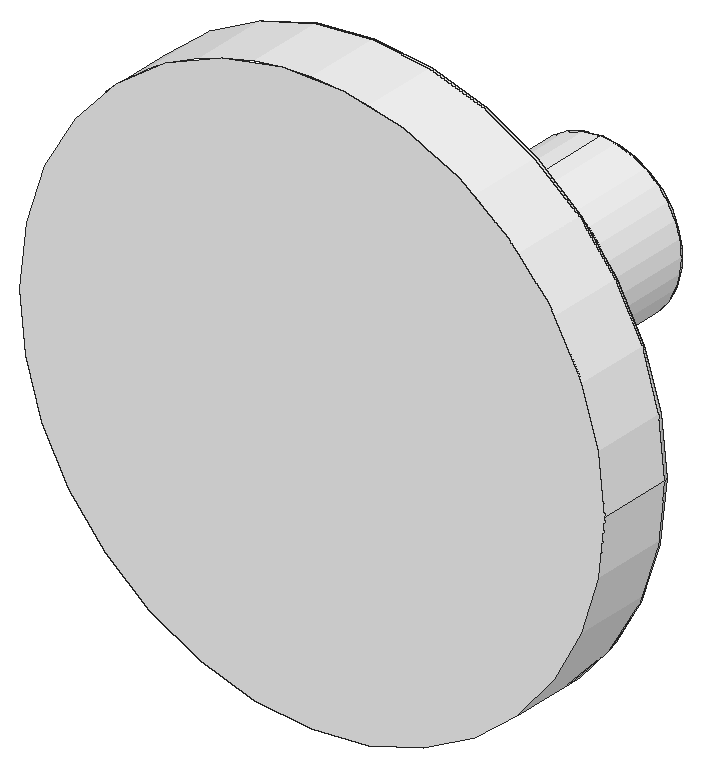
Revit family "CPT-1000-UNI_Speakman_Neo_Universal Valve Trim", category Plumbing Fixtures, host Wall, Revit 2023
Family settings
  Host = Wall
  Round Connector Dimension = Use Diameter
  Part Type = Normal
  Enable Cutting in Views = Yes
  Always vertical = Yes
  Cut with Voids When Loaded = No
  Maintain Annotation Orientation = No
  Shared = No
  Room Calculation Point = No
Parameters
  Width = 0' - 4 1/2"
  MATERIAL_CPT-1000-UNI = MATERIAL_CPT-1000-UNI
  Dia. = 0' - 7 1/4"
  Depth = 0' - 4 1/2"
  Default Elevation = 0' - 0"
Reference planes (in)
  plane 1: y = 0
  plane 2 "Center (Left/Right)": x = 0
  plane 3 "Wall Edge": y = 3
  plane 4 "Center": z = 25
  plane 5: x = 3.625
  plane 6: x = -3.625
  plane 7: z = 28.625
  plane 8: z = 21.375
  plane 9: y = 4
  plane 10: y = 7.5
  plane 11: z = 24
  plane 12: z = 26
  plane 13: y = 6.98067
  plane 14: z = 21.5
  plane 15: y = 6.73048
  plane 16: y = 7.23085
  plane 17: x = 0.25038
  plane 18: x = -0.25016
  plane 19: x = -1
  plane 20: x = 1
  plane 21: y = 3
Forms (in)
  Extrusion 1, solid, material "MATERIAL_CPT-1000-UNI" <- "MATERIAL_CPT-1000-UNI"
    sketch origin (-60, 3, -23) x (-1, 0, 0) y (0, 0, 1)
      loop
        circle (-60, 48) r 3.625
    from 0 to 1
  Sweep 2, void
    path in 3D
      loop
        arc (-3.625, 4, 25) -> (0, 4, 21.375) -> (3.625, 4, 25) r 3.625
        arc (3.625, 4, 25) -> (0, 4, 28.625) -> (-3.625, 4, 25) r 3.625
    profile origin (0, 4, 28.625) x (0, 0, 1) y (0, 1, 0)
      loop
        line (0, 0) -> (-0.0625, 0)
        arc (-0.0625, 0) -> (-0.01831, -0.01831) -> (0, -0.0625) r 0.0625
        line (0, -0.0625) -> (0, 0)
  Revolve 3, solid, material "MATERIAL_CPT-1000-UNI" <- "MATERIAL_CPT-1000-UNI"
    sketch origin (0, 0, -23) x (0, 1, 0) y (0, 0, 1)
      loop
        line (7.5, 48) -> (7.5, 48.97647)
        arc (7.5, 48.97647) -> (7.49311, 48.99311) -> (7.47647, 49) r 0.02353
        line (7.47647, 49) -> (6.39827, 49) -> (6.39827, 48.96875) -> (6.36537, 48.96875) -> (6.36537, 49) -> (4.82098, 49)
        arc (4.82098, 49) -> (4.43314, 49.09598) -> (4.13484, 49.36178) r 0.83156
        arc (4.13484, 49.36178) -> (4.12272, 49.37258) -> (4.10695, 49.37648) r 0.03379
        line (4.10695, 49.37648) -> (4, 49.37648) -> (4, 48) -> (7.5, 48)
      axis (7.5, 48) -> (4, 48)
    angle from 0 to 360
  Revolve 4, solid, material "MATERIAL_CPT-1000-UNI" <- "MATERIAL_CPT-1000-UNI"
    sketch origin (0, 0, -23) x (0, 1, 0) y (0, 0, 1)
      loop
        line (6.98067, 47.04022) -> (6.80792, 47.04022) -> (6.80792, 46.52074)
        arc (6.80792, 46.52074) -> (6.80184, 46.50607) -> (6.78718, 46.5) r 0.02074
        line (6.78718, 46.5) -> (6.75191, 46.5)
        arc (6.75191, 46.5) -> (6.73676, 46.49372) -> (6.73048, 46.47858) r 0.02142
        line (6.73048, 46.47858) -> (6.73048, 44.52169)
        arc (6.73048, 44.52169) -> (6.73684, 44.50635) -> (6.75218, 44.5) r 0.02169
        line (6.75218, 44.5) -> (6.98067, 44.5) -> (6.98067, 47.04022)
      axis (6.98067, 47.04022) -> (6.98067, 44.5)
    angle from 0 to 360
Cuts and joins
  Sweep 2 cuts Extrusion 1
  joined: Extrusion 1, Revolve 3, Revolve 4
Lines and regions (in)
  sketch lines
    curve 1: arc (3.625, 4, 25) -> (0, 4, 28.625) -> (-3.625, 4, 25) r 3.625
    curve 2: arc (-3.625, 4, 25) -> (0, 4, 21.375) -> (3.625, 4, 25) r 3.625
Text (in)
  text "Placement Side" at (0, 40.15149, 123.01588), in view "Right"
  text "Placement Side" at (-70.3804, 28.46503, 0), in view "Ref. Level"
  text "Placement Side" at (0, 81.62555, 140.59947), in view "Left"
Dimensions and locks (in)
  locked: plane 3 "Wall Edge" to host wall
  level to plane 4 "Center" = 2' - 1"
  equal spacing: plane 6, plane 2 "Center (Left/Right)", plane 5
  plane 7 to plane 8 = 0' - 7 1/4"  (x2)
  plane 10 to host wall = 0' - 4 1/2"
  plane 12 to plane 11 = 0' - 2"  (x2)
  equal spacing: plane 16, plane 13, plane 15, locked at 0.25019 each
  plane 9 to host wall = 0' - 1"
  "Depth": plane 12 to plane 14
  plane 12 to plane 4 "Center" to plane 14 = 0' - 1", 0' - 3 1/2"
  plane 6 to plane 5 = 0' - 7 1/4"  (x2)
  plane 3 "Wall Edge" to plane 10 = 0' - 4 1/2"
  plane 18 to plane 17 = 0' - 0.50053"
  plane 11 to plane 12 = 0' - 2"
  host wall to plane 9 = 0' - 1"
  plane 15 to plane 16 = 0' - 0.50037"
  plane 4 "Center" to plane 14 = 0' - 3 1/2"
  host wall to plane 10 = 0' - 4 1/2"
  plane 16 to plane 15 = 0' - 0.50037"
  plane 14 to plane 4 "Center" = 0' - 3 1/2"
  plane 3 "Wall Edge" to plane 9 = 0' - 1"
  plane 19 to plane 20 = 0' - 2"
  plane 9 to plane 10 = 0' - 3 1/2"
  aligned and locked: Extrusion 1 to plane 9
  aligned and locked: Revolve 3 sketch curve to plane 10
  aligned and locked: Revolve 3 sketch curve to plane 4 "Center"
  aligned and locked: plane 9 to Revolve 3 sketch curve
  aligned and locked: Revolve 4 sketch curve to plane 13
  aligned and locked: Revolve 4 sketch curve to plane 14
Automatic sketch dimensions
  Extrusion 1 sketch curve to plane 2 "Center (Left/Right)" = 0' - 0"
  Extrusion 1 sketch curve to plane 4 "Center" = 0' - 0"
  Sweep 2 sketch curve to profile plane = 0' - 0"
  profile plane to Sweep 2 sketch curve = 0' - 0"
  profile plane to Sweep 2 sketch curve = 0' - 0 1/16"
  Revolve 3 sketch curve to plane 12 = 0' - 0"  (x2)
  Revolve 3 sketch curve to Revolve 3 sketch curve = 0' - 0.10695"
  Revolve 3 sketch curve to plane 9 = 0' - 0.82098"
  plane 10 to Revolve 3 sketch curve = 0' - 1.13463"
  Revolve 3 sketch curve to Revolve 3 sketch curve = 0' - 0.03289"
  plane 10 to Revolve 3 sketch curve = 0' - 0.02353"
  Revolve 3 sketch curve to Revolve 3 sketch curve = 0' - 0 1/32"
  plane 12 to Revolve 3 sketch curve = 0' - 0.34269"
  Revolve 3 sketch curve to Revolve 3 sketch curve = 0' - 0.03379"
  Revolve 3 sketch curve to Revolve 3 sketch curve = 0' - 0.83156"
  Revolve 4 sketch curve to plane 15 = 0' - 0"
  Revolve 4 sketch curve to plane 13 = 0' - 0"
  Revolve 4 sketch curve to plane 15 = 0' - 0.02142"
  plane 14 to Revolve 4 sketch curve = 0' - 0.02169"
  Revolve 4 sketch curve to Revolve 4 sketch curve = 0' - 0.03527"
  Revolve 4 sketch curve to Revolve 4 sketch curve = 0' - 0.02074"
  Revolve 4 sketch curve to plane 11 = 0' - 0.52142"
  plane 11 to Revolve 4 sketch curve = 0' - 0.04022"
  Revolve 4 sketch curve to plane 8 = 0' - 0.35022"
  Revolve 4 sketch curve to plane 7 = 0' - 1.17304"
  radius of Extrusion 1 sketch curve = 0' - 3 5/8"
